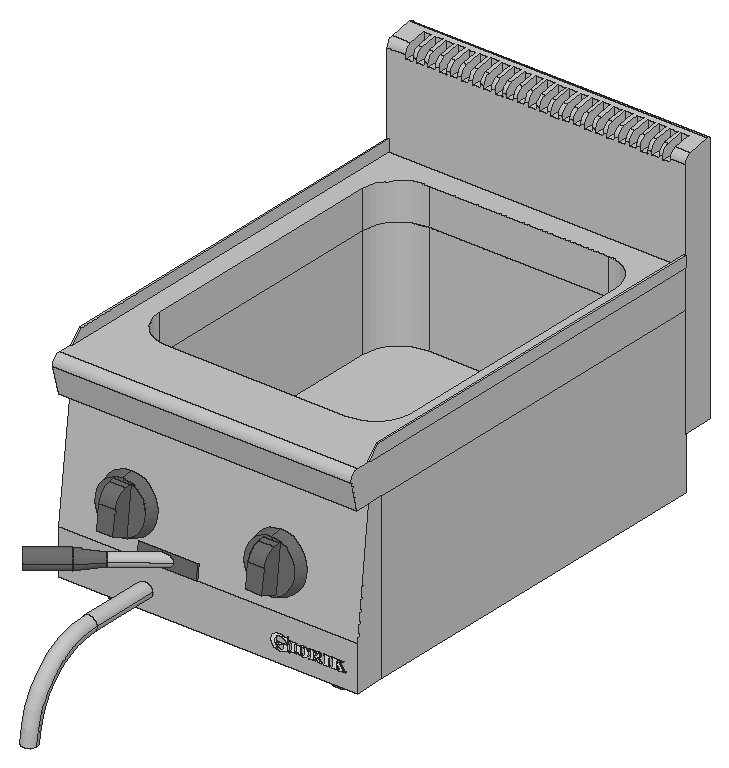
Revit family "QF_GIORIK_LBE4711", category Specialty Equipment, Revit 2014
Parameters (values of type "LBE4711")
  Weight in Pounds = 35.2739
  Watts = 1400 W
  Waste Water Discharge Temperature [instance] = 0 °C
  Volts = 230 V
  URL Cutsheet = "www.giorik.com"
  URL = "www.giorik.com"
  Status [instance] = ""
  Specification by User [instance] = ""
  Specification by Manufacturer = ""
  Show Logo [instance] = yes
  Show Clearance [instance] = yes
  Serial Number = ""
  Seismic Rating = ""
  SMACNA No = ""
  Revision Code [instance] = ""
  Plumbing Remarks [instance] = ""
  Plumbing Connection Type [instance] = ""
  Phase = 1
  Number of Poles [instance] = 1
  NAFEM Spec ID Number = ""
  Model = "LBE4711"
  Min Ckt Ampacity = 0 A
  Max Overcurrent Protection = 0 A
  Masterspec = ""
  Manufacturer = "GIORIK"
  Item Number [instance] = ""
  Installed By [instance] = ""
  Indirect Waste Size = 1"
  Indirect Waste Flow = 0.0 L/s
  Indirect Waste Connection Type [instance] = ""
  Indirect Waste Connection Height [instance] = 45 mm
  Identify Quantity as Lot [instance] = no
  HP = "1.877428000000"
  Furnished By [instance] = ""
  Foodservice Equipment Identifier [instance] = yes
  FL Amps = 0 A
  Electrical Remarks [instance] = ""
  Electric Connection Type [instance] = ""
  Elec Conn RI Height [instance] = 0 mm
  Elec Conn Connection Height [instance] = 45 mm
  Description = "BAIN-MARIE ELECTRIC GN 1/2 - GN 1/4"
  Cycle = 50 Hz
  Conn Plug = ""
  Conn Conduit [instance] = no
  CSI MasterFormat = ""
  Assembly Code = "E1090320"
  Apparent Power = 1400 VA
Reference planes
  plane 1 "Back": y = 0
  plane 2: z = 0
  plane 3 "Left": x = 0
  plane 4 "Right": x = 400
  plane 5 "Front": y = -600
  plane 6 "Top": z = 430
Forms (mm)
  Extrusion 1, solid
    sketch origin (0, 1000, -578.42) x (0, 1, 0) y (0, 0, 1)
      loop
        line (-1040.007, 869.975) -> (-1589.445, 869.975)
        arc (-1589.445, 869.975) -> (-1598.171, 865.672) -> (-1600.069, 856.13) r 10.999
        line (-1600.069, 856.13) -> (-1590.388, 820) -> (-1040.007, 820) -> (-1040.007, 869.975)
    from 0 to 400
  Extrusion 2, solid
    sketch origin (0, 0, -558.42) x (0, 1, 0) y (0, 0, 1)
      loop
        line (-570.06, 849.975) -> (-40.007, 849.975) -> (-40.007, 864.975) -> (-555.06, 864.975) -> (-570.06, 849.975)
    from 0 to 1.85
  Extrusion 3, solid
    sketch origin (0, 0, -558.42) x (0, 1, 0) y (0, 0, 1)
      loop
        line (-40.007, 800) -> (-550, 800) -> (-550, 580) -> (-40.007, 580) -> (-40.007, 800)
    from 0 to 400
  Extrusion 4, solid
    sketch origin (0, 0, -558.42) x (0, 1, 0) y (0, 0, 1)
      loop
        line (-550, 800) -> (-570.5, 800) -> (-590, 640) -> (-590, 580) -> (-550, 580) -> (-550, 800)
    from 0 to 400
  Extrusion 5, solid
    sketch origin (398.094, 0, -558.42) x (0, 1, 0) y (0, 0, 1)
      loop
        line (-570.06, 849.975) -> (-40.007, 849.975) -> (-40.007, 864.975) -> (-555.06, 864.975) -> (-570.06, 849.975)
    from -0.15 to 1.906
  Extrusion 6, solid
    sketch origin (0, 0, -558.42) x (0, 1, 0) y (0, 0, 1)
      loop
        line (-40.007, 974.217) -> (-40.007, 650.827) -> (0, 650.827) -> (0, 988.42)
        arc (0, 988.42) -> (-0.57, 989.648) -> (-1.878, 990) r 1.6
        line (-1.878, 990) -> (-31.072, 984.852)
        arc (-31.072, 984.852) -> (-37.477, 981.162) -> (-40.007, 974.217) r 10.797
    from 0 to 400
  Revolve 7, solid
    sketch origin (100.155, 1.348, -551.237) x (0, 1, 0) y (0, 0, 1)
      loop
        line (-598.03, 706.389) -> (-594.27, 737.013) -> (-609.648, 734.852) -> (-613.772, 701.269) -> (-581.482, 697.305) -> (-580.629, 704.252) -> (-598.03, 706.389)
      axis (-581.482, 697.305) -> (-613.772, 701.269)
    angle from 0 to 360
  Extrusion 8, solid
    sketch origin (-62.831, 1.348, -551.237) x (0, 1, 0) y (0, 0, 1)
      loop
        line (-635.843, 711.553) -> (-639.647, 680.575) -> (-617.415, 671.593) -> (-610.135, 730.882) -> (-617.934, 729.786)
        arc (-617.934, 729.786) -> (-629.982, 723.708) -> (-635.843, 711.553) r 20.998
    from 151.831 to 173.831
  Revolve 9, solid
    sketch origin (300.155, 1.348, -551.237) x (0, 1, 0) y (0, 0, 1)
      loop
        line (-598.03, 706.389) -> (-594.27, 737.013) -> (-609.648, 734.852) -> (-613.772, 701.269) -> (-581.482, 697.305) -> (-580.629, 704.252) -> (-598.03, 706.389)
      axis (-581.482, 697.305) -> (-613.772, 701.269)
    angle from 0 to 360
  Extrusion 10, solid
    sketch origin (137.169, 1.348, -551.237) x (0, 1, 0) y (0, 0, 1)
      loop
        line (-635.843, 711.553) -> (-639.647, 680.575) -> (-617.415, 671.593) -> (-610.135, 730.882) -> (-617.934, 729.786)
        arc (-617.934, 729.786) -> (-629.982, 723.708) -> (-635.843, 711.553) r 20.998
    from 151.831 to 173.831
  Extrusion 11, solid
    sketch origin (368.319, 0, -561) x (1, 0, 0) y (0, 0, 1)
      loop
        circle (-38.319, 606) r 12.5
    from 20.007 to 40.007
  Extrusion 12, solid, visible <- "Show Logo"
    sketch origin (191.604, -590.5, -4.533) x (-1, 0, 0) y (0, 0, 1)
      loop
        line (-118.824, 58.358) -> (-127.804, 58.358) -> (-125.523, 56.445) -> (-125.523, 48.027) -> (-127.804, 46.113) -> (-118.824, 46.113) -> (-121.105, 48.027) -> (-121.105, 56.445) -> (-118.824, 58.358)
      loop
        line (-163.721, 58.358) -> (-172.7, 58.358) -> (-170.42, 56.445) -> (-170.42, 48.027) -> (-172.7, 46.113) -> (-163.721, 46.113) -> (-166.001, 48.027) -> (-166.001, 56.445) -> (-163.721, 58.358)
      loop
        line (-174.332, 58.358) -> (-183.312, 58.358) -> (-181.031, 56.445) -> (-181.031, 52.435) -> (-186.419, 56.955) -> (-184.416, 58.358) -> (-191.268, 58.358) -> (-188.01, 56.839) -> (-185.455, 54.283) -> (-190.846, 47.858) -> (-193.396, 46.93) -> (-193.396, 46.113) -> (-184.416, 46.113) -> (-185.437, 47.571) -> (-182.443, 51.552) -> (-181.031, 50.894) -> (-181.031, 48.027) -> (-183.312, 46.113) -> (-174.332, 46.113) -> (-176.613, 48.027) -> (-176.613, 56.445) -> (-174.332, 58.358)
      loop
        line (-115.429, 62.063) -> (-115.429, 54.198)
        arc (-115.429, 54.198) -> (-111.618, 57.803) -> (-106.847, 59.986) r 16.039
        arc (-106.847, 59.986) -> (-103.314, 59.837) -> (-100.512, 57.68) r 5.851
        arc (-100.512, 57.68) -> (-98.815, 52.267) -> (-100.512, 46.853) r 9.479
        arc (-100.512, 46.853) -> (-102.406, 44.986) -> (-104.846, 43.93) r 7.236
        arc (-104.846, 43.93) -> (-107.728, 44.111) -> (-110.052, 45.825) r 5.11
        line (-110.052, 45.825) -> (-110.052, 52.001) -> (-116.141, 52.001) -> (-116.141, 45.503) -> (-117.893, 43.751) -> (-114.094, 44.769)
        arc (-114.094, 44.769) -> (-112.56, 44.947) -> (-111.129, 44.366) r 3.115
        arc (-111.129, 44.366) -> (-104.216, 42.091) -> (-97.303, 44.366) r 11.641
        arc (-97.303, 44.366) -> (-93.396, 52.107) -> (-97.303, 59.849) r 9.622
        arc (-97.303, 59.849) -> (-104.369, 62.174) -> (-111.435, 59.849) r 11.898
        line (-111.435, 59.849) -> (-115.429, 62.063)
      loop
        arc (-129.234, 56.068) -> (-135.893, 58.628) -> (-142.552, 56.068) r 9.941
        arc (-142.552, 56.068) -> (-144.234, 52.286) -> (-142.552, 48.505) r 5.093
        arc (-142.552, 48.505) -> (-135.893, 45.945) -> (-129.234, 48.505) r 9.941
        arc (-129.234, 48.505) -> (-127.552, 52.286) -> (-129.234, 56.068) r 5.093
      loop
        arc (-132.628, 54.403) -> (-135.893, 57.668) -> (-139.158, 54.403) r 3.265
        line (-139.158, 54.403) -> (-139.158, 50.169)
        arc (-139.158, 50.169) -> (-135.893, 46.904) -> (-132.628, 50.169) r 3.265
        line (-132.628, 50.169) -> (-132.628, 54.403)
      loop
        arc (-156.363, 58.365) -> (-159.647, 55.081) -> (-156.363, 51.796) r 3.285
        line (-156.363, 51.796) -> (-159.529, 47.306) -> (-162.087, 46.113) -> (-155.847, 46.113) -> (-153.529, 51.083) -> (-150.637, 51.083) -> (-150.637, 47.784) -> (-153.022, 46.113) -> (-144.011, 46.113) -> (-146.094, 47.68) -> (-146.094, 56.493) -> (-144.229, 58.365) -> (-156.363, 58.365)
      loop
        line (-150.637, 57.512) -> (-153.637, 57.512)
        arc (-153.637, 57.512) -> (-156.237, 54.912) -> (-153.637, 52.312) r 2.6
        line (-153.637, 52.312) -> (-150.637, 52.312) -> (-150.637, 57.512)
      loop
        line (-108.924, 52.001) -> (-104.936, 49.005) -> (-100.948, 52.001) -> (-108.924, 52.001)
    from 1.5 to -0.5
  Extrusion 13, void
    sketch origin (10, 0, 431.58) x (0, 1, 0) y (-1, 0, 0)
      loop
        line (-40.007, -25) -> (-9.931, -25) -> (-9.931, -15) -> (-40.007, -15) -> (-40.007, -25)
      loop
        line (-40.007, -40) -> (-9.931, -40) -> (-9.931, -30) -> (-40.007, -30) -> (-40.007, -40)
      loop
        line (-40.007, -55) -> (-9.931, -55) -> (-9.931, -45) -> (-40.007, -45) -> (-40.007, -55)
      loop
        line (-40.007, -70) -> (-9.931, -70) -> (-9.931, -60) -> (-40.007, -60) -> (-40.007, -70)
      loop
        line (-40.007, -85) -> (-9.931, -85) -> (-9.931, -75) -> (-40.007, -75) -> (-40.007, -85)
      loop
        line (-40.007, -100) -> (-9.931, -100) -> (-9.931, -90) -> (-40.007, -90) -> (-40.007, -100)
      loop
        line (-40.007, -115) -> (-9.931, -115) -> (-9.931, -105) -> (-40.007, -105) -> (-40.007, -115)
      loop
        line (-40.007, -130) -> (-9.931, -130) -> (-9.931, -120) -> (-40.007, -120) -> (-40.007, -130)
      loop
        line (-40.007, -145) -> (-9.931, -145) -> (-9.931, -135) -> (-40.007, -135) -> (-40.007, -145)
      loop
        line (-40.007, -160) -> (-9.931, -160) -> (-9.931, -150) -> (-40.007, -150) -> (-40.007, -160)
      loop
        line (-40.007, -175) -> (-9.931, -175) -> (-9.931, -165) -> (-40.007, -165) -> (-40.007, -175)
      loop
        line (-40.007, -190) -> (-9.931, -190) -> (-9.931, -180) -> (-40.007, -180) -> (-40.007, -190)
      loop
        line (-40.007, -205) -> (-9.931, -205) -> (-9.931, -195) -> (-40.007, -195) -> (-40.007, -205)
      loop
        line (-40.007, -220) -> (-9.931, -220) -> (-9.931, -210) -> (-40.007, -210) -> (-40.007, -220)
      loop
        line (-40.007, -235) -> (-9.931, -235) -> (-9.931, -225) -> (-40.007, -225) -> (-40.007, -235)
      loop
        line (-40.007, -250) -> (-9.931, -250) -> (-9.931, -240) -> (-40.007, -240) -> (-40.007, -250)
      loop
        line (-40.007, -265) -> (-9.931, -265) -> (-9.931, -255) -> (-40.007, -255) -> (-40.007, -265)
      loop
        line (-40.007, -280) -> (-9.931, -280) -> (-9.931, -270) -> (-40.007, -270) -> (-40.007, -280)
      loop
        line (-40.007, -295) -> (-9.931, -295) -> (-9.931, -285) -> (-40.007, -285) -> (-40.007, -295)
      loop
        line (-40.007, -310) -> (-9.931, -310) -> (-9.931, -300) -> (-40.007, -300) -> (-40.007, -310)
      loop
        line (-40.007, -325) -> (-9.931, -325) -> (-9.931, -315) -> (-40.007, -315) -> (-40.007, -325)
      loop
        line (-40.007, -340) -> (-9.931, -340) -> (-9.931, -330) -> (-40.007, -330) -> (-40.007, -340)
      loop
        line (-40.007, -355) -> (-9.931, -355) -> (-9.931, -345) -> (-40.007, -345) -> (-40.007, -355)
      loop
        line (-40.007, -370) -> (-9.931, -370) -> (-9.931, -360) -> (-40.007, -360) -> (-40.007, -370)
    from 0 to -20
  Extrusion 14, solid
    sketch origin (566.603, 14.286, -28.42) x (0, 1, 0) y (-1, 0, 0)
      loop
        circle (-79.293, 516.603) r 5
    from 40.385 to 50
  Revolve 15, solid
    sketch origin (50, 18.936, -600) x (0, 1, 0) y (0, 0, 1)
      loop
        line (-83.943, 611.965) -> (-94.752, 611.965) -> (-97.943, 600) -> (-83.943, 600) -> (-83.943, 611.965)
      axis (-83.943, 611.965) -> (-83.943, 600)
    angle from 0 to 360
  Extrusion 16, solid
    sketch origin (-166.603, 14.286, -28.42) x (0, 1, 0) y (-1, 0, 0)
      loop
        circle (-79.293, -516.603) r 5
    from 40.385 to 50
  Revolve 17, solid
    sketch origin (350, 18.936, -600) x (0, 1, 0) y (0, 0, -1)
      loop
        line (-83.943, -611.965) -> (-83.943, -600) -> (-97.943, -600) -> (-94.752, -611.965) -> (-83.943, -611.965)
      axis (-83.943, -611.965) -> (-83.943, -600)
    angle from 0 to 360
  Extrusion 18, solid
    sketch origin (566.603, -469.707, -30) x (0, 1, 0) y (-1, 0, 0)
      loop
        circle (-79.293, 516.603) r 5
    from 41.965 to 51.58
  Revolve 19, solid
    sketch origin (50, -465.057, -600) x (0, 1, 0) y (0, 0, 1)
      loop
        line (-83.943, 611.965) -> (-94.752, 611.965) -> (-97.943, 600) -> (-83.943, 600) -> (-83.943, 611.965)
      axis (-83.943, 611.965) -> (-83.943, 600)
    angle from 0 to 360
  Extrusion 20, solid
    sketch origin (-166.603, -469.707, -30) x (0, 1, 0) y (-1, 0, 0)
      loop
        circle (-79.293, -516.603) r 5
    from 41.965 to 51.58
  Revolve 21, solid
    sketch origin (350, -465.057, -600) x (0, 1, 0) y (0, 0, -1)
      loop
        line (-83.943, -611.965) -> (-83.943, -600) -> (-97.943, -600) -> (-94.752, -611.965) -> (-83.943, -611.965)
      axis (-83.943, -611.965) -> (-83.943, -600)
    angle from 0 to 360
  Extrusion 22, solid
    sketch origin (137.188, 1.348, -551.237) x (0, 1, 0) y (0, 0, 1)
      loop
        line (-635.843, 711.553) -> (-639.647, 680.575) -> (-617.415, 671.593) -> (-610.135, 730.882) -> (-617.934, 729.786)
        arc (-617.934, 729.786) -> (-629.982, 723.708) -> (-635.843, 711.553) r 20.998
    from 151.831 to 173.831
  Extrusion 23, void
    sketch origin (0, 0, 430) x (0, 1, 0) y (-1, 0, 0)
      loop
        arc (-70, -80) -> (-84.645, -44.645) -> (-120, -30) r 50
        line (-120, -30) -> (-460, -30)
        arc (-460, -30) -> (-495.355, -44.645) -> (-510, -80) r 50
        line (-510, -80) -> (-510, -320.349)
        arc (-510, -320.349) -> (-495.355, -355.704) -> (-460, -370.349) r 50
        line (-460, -370.349) -> (-120, -370.349)
        arc (-120, -370.349) -> (-84.645, -355.704) -> (-70, -320.349) r 50
        line (-70, -320.349) -> (-70, -80)
    from -97.843 to -337.592
  Blend 24, solid
    base sketch origin (637.031, -104.536, -902.975) x (0.615661, -0.788011, 0) y (0, 0, 1)
      loop
        circle (76.097, 994.319) r 8
    top sketch origin (637.031, -104.536, -902.975) x (0.615661, -0.788011, 0) y (0, 0, 1)
      loop
        circle (76.097, 994.319) r 12
    from 750.092 to 785.1
  Extrusion 25, solid
    sketch origin (628.205, -96.203, -914.406) x (0.615661, -0.788011, 0) y (0, 0, 1)
      loop
        circle (88.097, 1005.786) r 12
    from 783.275 to 836.3
  Extrusion 26, solid
    sketch origin (-382.579, -17.847, -369.801) x (-0.615661, 0.788011, 0) y (0, 0, 1)
      loop
        circle (-772.143, 461.145) r 8
    from 0 to 79.992
  Extrusion 27, solid
    sketch origin (20.149, -17.89, -65.407) x (1, 0, 0) y (0, 0.12098, 0.992655)
      loop
        line (84.851, 96.58) -> (84.851, 76.58) -> (164.851, 76.58) -> (164.851, 96.58) -> (84.851, 96.58)
    from 584.669 to 586.623
  Sweep 28, solid
    path origin (115, 226.022, -176.392) x (0, 1, 0) y (0, 0, 1)
      loop
        line (-814.022, 222.645) -> (-909.022, 222.645)
        arc (-909.022, 222.645) -> (-979.733, 193.356) -> (-1009.022, 122.645) r 100
    profile origin (115, -635.5, 46.254) x (0, 0, -1) y (1, 0, 0)
      loop
        circle (0, 0) r 10
  Extrusion 29, solid
    sketch origin (0, 0, 429) x (0, 1, 0) y (-1, 0, 0)
      loop
        circle (-457.5, -200) r 12.5
    from -335.592 to -337.592
  Extrusion 30, solid
    sketch origin (0, 0, 341.231) x (0, 1, 0) y (-1, 0, 0)
      loop
        circle (-457.5, -200) r 12.5
    from -319.65 to -336.231
Cuts and joins
  Extrusion 13 cuts Extrusion 6
  Extrusion 23 cuts Extrusion 1
  Extrusion 23 cuts Extrusion 3
Lines and regions (mm)
  symbolic lines, style "200-EquipInternal-2D"
    curve 1: line (25, -9.931, 290) -> (25, -40.007, 290)
    curve 2: line (35, -40.007, 290) -> (35, -9.931, 290)
    curve 3: line (40, -9.931, 290) -> (40, -40.007, 290)
    curve 4: line (50, -40.007, 290) -> (50, -9.931, 290)
    curve 5: line (55, -9.931, 290) -> (55, -40.007, 290)
    curve 6: line (65, -40.007, 290) -> (65, -9.931, 290)
    curve 7: line (85, -9.931, 290) -> (85, -40.007, 290)
    curve 8: line (95, -40.007, 290) -> (95, -9.931, 290)
    curve 9: line (100, -9.931, 290) -> (100, -40.007, 290)
    curve 10: line (110, -40.007, 290) -> (110, -9.931, 290)
    curve 11: line (140, -40.007, 290) -> (140, -9.931, 290)
    curve 12: line (130, -9.931, 290) -> (130, -40.007, 290)
    curve 13: line (155, -40.007, 290) -> (155, -9.931, 290)
    curve 14: line (160, -9.931, 290) -> (160, -40.007, 290)
    curve 15: line (170, -40.007, 290) -> (170, -9.931, 290)
    curve 16: line (145, -9.931, 290) -> (145, -40.007, 290)
    curve 17: line (200, -40.007, 290) -> (200, -9.931, 290)
    curve 18: line (190, -9.931, 290) -> (190, -40.007, 290)
    curve 19: line (205, -9.931, 290) -> (205, -40.007, 290)
    curve 20: line (215, -40.007, 290) -> (215, -9.931, 290)
    curve 21: line (220, -9.931, 290) -> (220, -40.007, 290)
    curve 22: line (230, -40.007, 290) -> (230, -9.931, 290)
    curve 23: line (250, -9.931, 290) -> (250, -40.007, 290)
    curve 24: line (260, -40.007, 290) -> (260, -9.931, 290)
    curve 25: line (265, -9.931, 290) -> (265, -40.007, 290)
    curve 26: line (275, -40.007, 290) -> (275, -9.931, 290)
    curve 27: line (280, -9.931, 290) -> (280, -40.007, 290)
    curve 28: line (290, -40.007, 290) -> (290, -9.931, 290)
    curve 29: line (320, -40.007, 290) -> (320, -9.931, 290)
    curve 30: line (310, -9.931, 290) -> (310, -40.007, 290)
    curve 31: line (335, -40.007, 290) -> (335, -9.931, 290)
    curve 32: line (325, -9.931, 290) -> (325, -40.007, 290)
    curve 33: line (340, -9.931, 290) -> (340, -40.007, 290)
    curve 34: line (350, -40.007, 290) -> (350, -9.931, 290)
    curve 35: line (370, -9.931, 290) -> (370, -40.007, 290)
    curve 36: line (380, -40.007, 290) -> (380, -9.931, 290)
    curve 37: line (380, -9.931, 290) -> (370, -9.931, 290)
    curve 38: line (350, -9.931, 290) -> (340, -9.931, 290)
    curve 39: line (335, -9.931, 290) -> (325, -9.931, 290)
    curve 40: line (320, -9.931, 290) -> (310, -9.931, 290)
    curve 41: line (275, -9.931, 290) -> (265, -9.931, 290)
    curve 42: line (110, -9.931, 290) -> (100, -9.931, 290)
    curve 43: line (95, -9.931, 290) -> (85, -9.931, 290)
    curve 44: line (65, -9.931, 290) -> (55, -9.931, 290)
    curve 45: line (35, -9.931, 290) -> (25, -9.931, 290)
    curve 46: line (140, -9.931, 290) -> (130, -9.931, 290)
    curve 47: line (155, -9.931, 290) -> (145, -9.931, 290)
    curve 48: line (170, -9.931, 290) -> (160, -9.931, 290)
    curve 49: line (200, -9.931, 290) -> (190, -9.931, 290)
    curve 50: line (215, -9.931, 290) -> (205, -9.931, 290)
    curve 51: line (230, -9.931, 290) -> (220, -9.931, 290)
    curve 52: line (260, -9.931, 290) -> (250, -9.931, 290)
    curve 53: line (50, -9.931, 290) -> (40, -9.931, 290)
    curve 54: line (70, -9.931, 430) -> (70, -40.007, 430)
    curve 55: line (80, -40.007, 430) -> (80, -9.931, 430)
    curve 56: line (80, -9.931, 430) -> (70, -9.931, 430)
    curve 57: line (175, -9.931, 430) -> (175, -40.007, 430)
    curve 58: line (185, -40.007, 430) -> (185, -9.931, 430)
    curve 59: line (185, -9.931, 430) -> (175, -9.931, 430)
    curve 60: line (235, -9.931, 430) -> (235, -40.007, 430)
    curve 61: line (245, -40.007, 430) -> (245, -9.931, 430)
    curve 62: line (245, -9.931, 430) -> (235, -9.931, 430)
    curve 63: line (290, -9.931, 430) -> (280, -9.931, 430)
    curve 64: line (305, -9.931, 430) -> (295, -9.931, 430)
    curve 65: line (295, -9.931, 430) -> (295, -40.007, 430)
    curve 66: line (305, -40.007, 430) -> (305, -9.931, 430)
    curve 67: line (355, -9.931, 430) -> (355, -40.007, 430)
    curve 68: line (365, -40.007, 430) -> (365, -9.931, 430)
    curve 69: line (365, -9.931, 430) -> (355, -9.931, 430)
    curve 70: line (400, -9.931, 430) -> (400, -40.007, 430)
    curve 71: line (125, -9.931, 430) -> (115, -9.931, 430)
    curve 72: line (115, -9.931, 430) -> (115, -40.007, 430)
    curve 73: line (125, -40.007, 430) -> (125, -9.931, 430)
    curve 78: line (397.944, -570.06, 430) -> (400, -570.06, 430)
    curve 79: line (397.944, -40.007, 430) -> (397.944, -570.06, 430)
    curve 80: line (80, -70, 430) -> (320, -70, 430)
    curve 81: line (370, -120, 430) -> (370, -460, 430)
    curve 82: line (30, -460, 430) -> (30, -120, 430)
    curve 83: arc (80, -510, 430) -> (44.645, -495.355, 430) -> (30, -460, 430) r 50
    curve 84: line (320, -510, 430) -> (80, -510, 430)
    curve 85: arc (370, -460, 430) -> (355.355, -495.355, 430) -> (320, -510, 430) r 50
    curve 86: line (0, -570.06, 430) -> (1.85, -570.06, 430)
    curve 87: line (1.85, -570.06, 430) -> (1.85, -40.007, 430)
    curve 88: line (1.85, -40.007, 430) -> (397.944, -40.007, 430)
    curve 89: arc (80, -70, 430) -> (44.645, -84.645, 430) -> (30, -120, 430) r 50
    curve 90: arc (370, -120, 430) -> (355.355, -84.645, 430) -> (320, -70, 430) r 50
    curve 118: circle (200, -457.5, 430) r 12.5 normal (0, 0, 1)
  symbolic lines, style "200-EquipBorder-2D"
    curve 74: line (400, 0, 430) -> (0, 0, 430)
    curve 75: line (400, -600, 430) -> (400, 0, 430)
    curve 76: line (0, 0, 430) -> (0, -600, 430)
    curve 77: line (0, -600, 430) -> (400, -600, 430)
    curve 91: line (72.602, -657.313, 430) -> (91.616, -638.299, 430)
    curve 92: line (57.826, -638.401, 430) -> (16.042, -671.046, 430)
    curve 93: line (16.042, -671.046, 430) -> (30.817, -689.958, 430)
    curve 94: line (30.817, -689.958, 430) -> (72.602, -657.313, 430)
    curve 95: line (105, -783, 430) -> (105, -638.299, 430)
    curve 96: line (125, -783, 430) -> (125, -615.324, 430)
    curve 97: arc (125, -783, 430) -> (115, -793, 430) -> (105, -783, 430) r 10
    curve 98: spline (89, -616.311, 990) -> (85.789, -616.15, 990) -> (82.73, -615.95, 990) -> (79.856, -615.712, 990) -> (77.196, -615.44, 990) -> (74.779, -615.137, 990) -> (72.63, -614.804, 990) -> (70.772, -614.447, 990) -> (69.225, -614.068, 990) -> (68.004, -613.672, 990) -> (67.122, -613.263, 990) -> (66.59, -612.844, 990) -> (66.412, -612.422, 990)
    curve 99: spline (134.073, -612.516, 990) -> (133.819, -612.935, 990) -> (133.218, -613.348, 990) -> (132.275, -613.751, 990) -> (131.001, -614.141, 990) -> (129.408, -614.513, 990) -> (127.513, -614.863, 990) -> (125.336, -615.188, 990) -> (122.898, -615.485, 990) -> (120.227, -615.75, 990) -> (117.348, -615.98, 990) -> (114.293, -616.173, 990) -> (111.091, -616.328, 990)
    curve 100: line (66.412, -612.422, 990) -> (62.981, -600, 990)
    curve 101: line (134.073, -612.516, 990) -> (137.345, -600, 990)
    curve 102: line (89, -638.299, 430) -> (89, -608.788, 430)
    curve 103: line (89, -638.299, 430) -> (111, -638.299, 430)
    curve 104: line (111, -638.299, 430) -> (111, -608.788, 430)
    curve 105: spline (66.412, -612.422, 430) -> (67.564, -611.372, 430) -> (70.941, -610.394, 430) -> (76.314, -609.554, 430) -> (83.316, -608.91, 430) -> (91.47, -608.505, 430) -> (100.22, -608.367, 430) -> (108.97, -608.505, 430) -> (117.124, -608.91, 430) -> (124.126, -609.554, 430) -> (129.499, -610.394, 430) -> (132.877, -611.372, 430) -> (134.029, -612.422, 430)
    curve 106: line (89, -608.788, 430) -> (111, -608.788, 430)
    curve 107: spline (289.019, -616.311, 990) -> (285.808, -616.15, 990) -> (282.749, -615.95, 990) -> (279.875, -615.712, 990) -> (277.215, -615.44, 990) -> (274.798, -615.137, 990) -> (272.649, -614.804, 990) -> (270.791, -614.447, 990) -> (269.244, -614.068, 990) -> (268.023, -613.672, 990) -> (267.141, -613.263, 990) -> (266.609, -612.844, 990) -> (266.431, -612.422, 990)
    curve 108: spline (334.092, -612.516, 990) -> (333.838, -612.935, 990) -> (333.237, -613.348, 990) -> (332.294, -613.751, 990) -> (331.02, -614.141, 990) -> (329.427, -614.513, 990) -> (327.532, -614.863, 990) -> (325.355, -615.188, 990) -> (322.917, -615.485, 990) -> (320.246, -615.75, 990) -> (317.367, -615.98, 990) -> (314.311, -616.173, 990) -> (311.11, -616.328, 990)
    curve 109: line (266.431, -612.422, 990) -> (263, -600, 990)
    curve 110: line (334.092, -612.516, 990) -> (337.364, -600, 990)
    curve 111: line (289.019, -638.299, 430) -> (289.019, -608.788, 430)
    curve 112: line (289.019, -638.299, 430) -> (311.019, -638.299, 430)
    curve 113: line (311.019, -638.299, 430) -> (311.019, -608.788, 430)
    curve 114: spline (266.431, -612.422, 430) -> (267.583, -611.372, 430) -> (270.96, -610.394, 430) -> (276.333, -609.554, 430) -> (283.335, -608.91, 430) -> (291.489, -608.505, 430) -> (300.239, -608.367, 430) -> (308.989, -608.505, 430) -> (317.143, -608.91, 430) -> (324.145, -609.554, 430) -> (329.518, -610.394, 430) -> (332.896, -611.372, 430) -> (334.048, -612.422, 430)
    curve 115: line (289.019, -608.788, 430) -> (311.019, -608.788, 430)
    curve 116: line (57.826, -638.401, 430) -> (87.875, -620, 430)
    curve 117: line (87.875, -620, 430) -> (89, -619.212, 430)
Dimensions and locks
  plane 3 "Left" to plane 4 "Right" = 400 mm
  plane 5 "Front" to plane 1 "Back" = 600 mm
  plane 4 "Right" to plane 3 "Left" = 400 mm
  plane 1 "Back" to plane 5 "Front" = 600 mm
  plane 6 "Top" to level = 430 mm  (x2)
  aligned and locked: level to plane 2
Connectors
  electrical at (330, -20.007, 45), driven by "Apparent Power", driven by "Volts", driven by "Number of Poles"
    settings: on Extrusion 11, index 1, voltage 230 V, apparent load 0 VA, apparent load phase1 1400 VA, apparent load phase2 0 VA, apparent load phase3 0 VA, power factor 1, load classification "Other", number of poles 1, system type 31, power factor state 1, is connector primary yes, connector utility no, sub classification motor no, connector description "Electrical connection"
  piping at (200, -457.5, 5), diameter 25.4, driven by "Indirect Waste Size", driven by "Indirect Waste Flow"
    settings: on Extrusion 30, index 2, connector inside diameter 24", connector length 0 mm, flow factor 0, pipe flow 0.0 L/s, pressure drop 0.0 Pa, fitting loss kfactor 0, connector angle 0.00°, fixture units 0, engagement length 0 mm, angle of deflection 0.00°, flow configuration 1, flow direction 1, fitting loss method 0, system type 16, joint type 0, gender type 0, connector reference index -1, connector utility 0, adjustable connector no, is connector primary yes, connector description "Drain connection"
